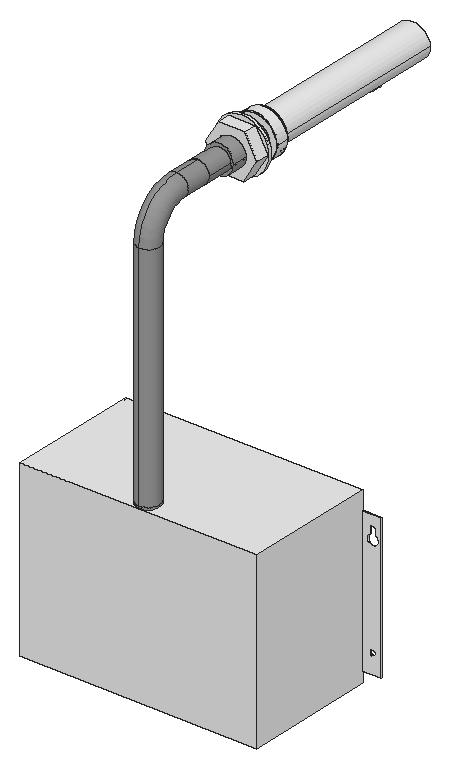
Revit family "DAN DRYER AirTap wall-mounted 372", category Electrical Fixtures, host Wall, Revit 2017
Family settings
  Host = Wall
  Maintain Annotation Orientation = No
  Round Connector Dimension = Use Diameter
  Part Type = Normal
  OmniClass Number = 23.80.00.00
  OmniClass Title = Electric Power and Lighting
  Always vertical = Yes
  Cut with Voids When Loaded = No
  Shared = No
  Room Calculation Point = No
Parameters (values of type "AirTap Wall-mounted 372")
  Wall_thickness [instance] = 15 mm
  URL = "https://www.dandryer.com/en-us/products/dan-dryer-taps/372-airtap-wall-mounted-hand-dryer"
  Satin stainless steel = DD_Satin Stainless Steel
  Red ring = DD_Red highlight
  Offset washer/nut [instance] = if(Wall_thickness < 10 mm, 10 mm, if(Wall_thickness > 30 mm, 30 mm, Wall_thickness))  # 15 mm
  Model = "DAN DRYER AirTap wall.mounted 372"
  Manufacturer = "DAN DRYER A/S"
  Height_outlet [instance] = 1150 mm
  Engine_top [instance] = Height_outlet - 300 mm  # 850 mm
  Black = DD_Black
  Airpipe = DD_White plastic
Reference planes
  plane 1: y = 0
  plane 2 "Center (Left/Right)": x = 125
  plane 3 "Back": y = 7.5
Forms (mm)
  Sweep 1, solid, material "DD_White plastic" <- "Airpipe"
    path origin (125, 0, 0) x (0, 1, 0) y (0, 0, 1)
      loop
        line (-141.641, 852.344) -> (-141.641, 1110)
        arc (-141.641, 1110) -> (-129.926, 1138.284) -> (-101.641, 1150) r 40
        line (-101.641, 1150) -> (-72.5, 1150)
    profile origin (125, -141.641, 981.172) x (0, -1, 0) y (1, 0, 0)
      loop
        circle (0, 0) r 12.5
Lines and regions (mm)
  model lines, style "InvisibleLines"
    curve 1: line (125, 7.5, 0) -> (165, 7.5, 0)
Text (mm)
  text "Placement side" at (-1867.185, 1116.779, 0), in view "Ref. Level"
  text "Placement side" at (0, 1270.507, 3001.832), in view "Left"
  text "Placement side" at (0, 530.812, 2999.686), in view "Right"
Dimensions and locks
  locked: plane 3 "Back" to host wall
  "Wall_thickness": host wall to host wall
  "Engine_top": nested 1 to level
  radius of Sweep 1 sketch curve = 40 mm
  aligned and locked: plane 1 to host wall
  aligned and locked: plane 2 "Center (Left/Right)" to nested 1
  aligned and locked: nested 1 to host wall
  aligned and locked: nested 2 to plane 2 "Center (Left/Right)"
  aligned and locked: nested 1 to Sweep 1 sketch curve
  aligned and locked: nested 2 to Sweep 1 sketch curve  (x2)
  aligned and locked: Sweep 1 sketch curve to nested 1
Automatic sketch dimensions
  Sweep 1 sketch curve to plane 2 "Center (Left/Right)" = 0 mm
  Sweep 1 sketch curve to profile plane = 0 mm
  curve 1 to level = 0 mm
  curve 1 to plane 2 "Center (Left/Right)" = 0 mm
  plane 2 "Center (Left/Right)" to curve 1 = 40 mm
  radius of Sweep 1 sketch curve = 12.5 mm
Nested families
  nested 1: "Enginebox" at (125, -7.5, 763.5) x (1, 0, 0) z (0, -1, 0), type "Enginebox"
  nested 2: "Airflow" at (125, 7.5, 1150) x (-1, 0, 0) z (0, 1, 0), Offset <- "Offset washer/nut", built-in parameter 1001360 <- "Height_outlet", type "Airflow"
    with Offset 15 mm
Connectors
  electrical at (229, -7.5, 779)
    settings: on nested 1, index 1, voltage 230 V, apparent load 0 VA, apparent load phase1 1000 VA, apparent load phase2 0 VA, apparent load phase3 0 VA, power factor 1, load classification "Other", number of poles 1, system type 31, power factor state 1, is connector primary yes, connector utility no, sub classification motor no, connector description ""
  electrical at (244, -17.5, 657)
    settings: on nested 1, index 2, voltage 230 V, apparent load 0 VA, apparent load phase1 1000 VA, apparent load phase2 0 VA, apparent load phase3 0 VA, power factor 1, load classification "Other", number of poles 1, system type 31, power factor state 1, is connector primary no, connector utility no, sub classification motor no, connector description ""
Definition of nested family "Enginebox"
  Parameters (values of type "Enginebox")
    Intake = none
    Engine_Shield = none
    Default Elevation = 1219.2 mm
    Airpipe = none
  Reference planes
    plane 1 "Center (Front/Back)": y = 0
    plane 2: z = 0
    plane 3 "Center (Left/Right)": x = 0
    plane 4: y = 52.5
    plane 5: y = -71.5
    plane 6: x = -144.5
    plane 7: x = 144.5
    plane 8: x = 104
    plane 9: y = 15.5
    plane 10: x = 104
    plane 11: y = 15.5
    plane 12: z = 10
    plane 13: x = 119
  Forms (mm)
    Extrusion 1, solid
      sketch origin (0, 0, 0) x (1, 0, 0) y (0, 1, 0)
        loop
          line (-1219.2, 1219.2) -> (-1219.2, -1219.2) -> (1219.2, -1219.2) -> (1219.2, 1219.2) -> (-1219.2, 1219.2)
      from 0 to -304.8
    Extrusion 2, solid, material <- "Engine_Shield"
      sketch origin (0, 0, 0) x (1, 0, 0) y (0, 1, 0)
        loop
          line (-132, 86.5) -> (-132, -106.5) -> (132, -106.5) -> (132, 86.5) -> (-132, 86.5)
      from 0 to 148
    Extrusion 3, solid, material <- "Engine_Shield"
      sketch origin (0, 0, 0) x (1, 0, 0) y (0, 1, 0)
        loop
          line (-153, 66.437) -> (-153, -93.563) -> (153, -93.563) -> (153, 66.437) -> (-153, 66.437)
        loop
          circle (-144.5, -71.5) r 3
        loop
          arc (-141.502, 52.605) -> (-144.552, 55.5) -> (-147.5, 52.5) r 3
          line (-147.5, 52.5) -> (-147.5, 46.639)
          arc (-147.5, 46.639) -> (-144.499, 35.443) -> (-141.502, 46.64) r 6
          line (-141.502, 46.64) -> (-141.502, 52.605)
        loop
          arc (147.5, 52.5) -> (144.5, 55.5) -> (141.5, 52.5) r 3
          line (141.5, 52.5) -> (141.5, 46.639)
          arc (141.5, 46.639) -> (144.5, 35.443) -> (147.5, 46.639) r 6
          line (147.5, 46.639) -> (147.5, 52.5)
        loop
          circle (144.5, -71.5) r 3
        loop
          circle (104, 15.5) r 8
      from 0 to 1
    Extrusion 4, void
      sketch origin (0, 0, 0) x (1, 0, 0) y (0, 1, 0)
        loop
          line (-131, 85.5) -> (-131, -105.5) -> (131, -105.5) -> (131, 85.5) -> (-131, 85.5)
      from 0 to 147
    Extrusion 5, void
      sketch origin (0, 0, 0) x (1, 0, 0) y (0, 0, 1)
        loop
          circle (54.286, 66.526) r 60
      from 0 to 500
    Extrusion 6, solid, material <- "Intake"
      sketch origin (0, 0, 0) x (1, 0, 0) y (0, 0, 1)
        loop
          circle (54.286, 66.526) r 60
        loop
          circle (54.286, 66.526) r 59
      from 106.5 to 115.57
    Extrusion 7, void
      sketch origin (0, 0, 0) x (1, 0, 0) y (0, 0, 1)
        loop
          arc (127, 10) -> (119, 18) -> (111, 10) r 8
          line (111, 10) -> (111, 0) -> (127, 0) -> (127, 10)
      from 105.5 to 106.5
    Extrusion 8, solid
      sketch origin (0, 0, 0) x (1, 0, 0) y (0, 0, 1)
        loop
          circle (119, 10) r 8
      from 105.5 to 106.5
    Extrusion 9, solid
      sketch origin (0, 0, 0) x (1, 0, 0) y (0, 1, 0)
        loop
          circle (104, 15.5) r 8
      from 0 to 1
    Extrusion 10, solid, material <- "Airpipe"
      sketch origin (0, 0, 0) x (1, 0, 0) y (0, 0, 1)
        loop
          circle (0, 134.141) r 12.5
      from -88.844 to -86.5
  Cuts and joins
    Extrusion 4, Extrusion 5, Extrusion 7 cuts Extrusion 2
    Extrusion 7 cuts Extrusion 3
    joined: Extrusion 2, Extrusion 3
  Dimensions and locks
    aligned and locked: plane 2 to Extrusion 1
    aligned and locked: level to Extrusion 1
Definition of nested family "Airflow"
  Parameters (values of type "Airflow")
    Satin Stainless Steel = none
    Red Ring = none
    Offset [instance] = 30 mm
    Default Elevation = 1219.2 mm
    Black Rubber = none
    Black = none
    Airpipe = none
  Reference planes
    plane 1 "Center (Front/Back)": y = 0
    plane 2: z = 0
    plane 3 "Center (Left/Right)": x = 0
    plane 4: z = 120
    plane 5: z = 200
    plane 6: z = 160
    plane 7: z = 195
    plane 8: z = 125
    plane 9: x = 5
    plane 10: x = -5
    plane 11 "Start washer/nut": z = -30
  Forms (mm)
    Extrusion 1, solid
      sketch origin (0, 0, 0) x (1, 0, 0) y (0, 1, 0)
        loop
          line (-1219.2, 1219.2) -> (-1219.2, -1219.2) -> (1219.2, -1219.2) -> (1219.2, 1219.2) -> (-1219.2, 1219.2)
      from 0 to -304.8
    Extrusion 2, solid, material <- "Satin Stainless Steel"
      sketch origin (0, 0, 0) x (1, 0, 0) y (0, 1, 0)
        loop
          circle (0, 0) r 19
      from 0 to 220
    Extrusion 3, void
      sketch origin (0, 0, 0) x (1, 0, 0) y (0, 1, 0)
        loop
          circle (0, 0) r 17.5
        loop
          circle (0, 0) r 16
      from 218 to 220
    Extrusion 4, solid, material <- "Red Ring"
      sketch origin (0, 0, 0) x (1, 0, 0) y (0, 1, 0)
        loop
          circle (0, 0) r 17.5
        loop
          circle (0, 0) r 16
      from 218 to 219.5
    Extrusion 5, solid, material <- "Satin Stainless Steel"
      sketch origin (0, 0, 0) x (1, 0, 0) y (0, 1, 0)
        loop
          circle (0, 0) r 24.4
      from 0 to 15
    Extrusion 6, solid, material <- "Satin Stainless Steel"
      sketch origin (0, 0, 0) x (1, 0, 0) y (0, 1, 0)
        loop
          circle (0, 0) r 25
        loop
          circle (0, 0) r 24.5
      from 0 to 13
    Extrusion 7, void
      sketch origin (0, 0, 0) x (1, 0, 0) y (0, 0, 1)
        loop
          arc (5, 195) -> (0, 200) -> (-5, 195) r 5
          line (-5, 195) -> (-5, 167) -> (-5.983, 167)
          arc (-5.983, 167) -> (-8.116, 166.116) -> (-9, 163.983) r 3.017
          line (-9, 163.983) -> (-9, 156)
          arc (-9, 156) -> (-8.121, 153.879) -> (-6, 153) r 3
          line (-6, 153) -> (-5, 153) -> (-5, 125)
          arc (-5, 125) -> (0, 120) -> (5, 125) r 5
          line (5, 125) -> (5, 153) -> (6, 153)
          arc (6, 153) -> (8.121, 153.879) -> (9, 156) r 3
          line (9, 156) -> (9, 164.025)
          arc (9, 164.025) -> (8.129, 166.129) -> (6.025, 167) r 2.975
          line (6.025, 167) -> (5, 167) -> (5, 195)
      from 0 to 500
    Extrusion 8, solid, material <- "Black Rubber"
      sketch origin (0, 0, 0) x (1, 0, 0) y (0, 0, 1)
        loop
          line (-3.2, 165.2) -> (-5.983, 165.2)
          arc (-5.983, 165.2) -> (-6.844, 164.844) -> (-7.2, 163.983) r 1.217
          line (-7.2, 163.983) -> (-7.2, 156)
          arc (-7.2, 156) -> (-6.849, 155.151) -> (-6, 154.8) r 1.2
          line (-6, 154.8) -> (-3.2, 154.8) -> (-3.2, 125)
          arc (-3.2, 125) -> (0, 121.8) -> (3.2, 125) r 3.2
          line (3.2, 125) -> (3.2, 154.8) -> (6, 154.8)
          arc (6, 154.8) -> (6.849, 155.151) -> (7.2, 156) r 1.2
          line (7.2, 156) -> (7.2, 164.025)
          arc (7.2, 164.025) -> (6.856, 164.856) -> (6.025, 165.2) r 1.175
          line (6.025, 165.2) -> (3.2, 165.2) -> (3.2, 195)
          arc (3.2, 195) -> (0, 198.2) -> (-3.2, 195) r 3.2
          line (-3.2, 195) -> (-3.2, 165.2)
        loop
          arc (-5.983, 166.5) -> (-7.763, 165.763) -> (-8.5, 163.983) r 2.517
          line (-8.5, 163.983) -> (-8.5, 156)
          arc (-8.5, 156) -> (-7.768, 154.232) -> (-6, 153.5) r 2.5
          line (-6, 153.5) -> (-4.5, 153.5) -> (-4.5, 125)
          arc (-4.5, 125) -> (0, 120.5) -> (4.5, 125) r 4.5
          line (4.5, 125) -> (4.5, 153.5) -> (6, 153.5)
          arc (6, 153.5) -> (7.768, 154.232) -> (8.5, 156) r 2.5
          line (8.5, 156) -> (8.5, 164.025)
          arc (8.5, 164.025) -> (7.775, 165.775) -> (6.025, 166.5) r 2.475
          line (6.025, 166.5) -> (4.5, 166.5) -> (4.5, 195)
          arc (4.5, 195) -> (0, 199.5) -> (-4.5, 195) r 4.5
          line (-4.5, 195) -> (-4.5, 166.5) -> (-5.983, 166.5)
      from 0 to 50
    Extrusion 9, void
      sketch origin (0, 0, 0) x (1, 0, 0) y (0, 1, 0)
        loop
          arc (15.931, -12.901) -> (1.37, -20.454) -> (-14.069, -14.911) r 20.5
          line (-14.069, -14.911) -> (-14.069, -52.901) -> (15.931, -52.901) -> (15.931, -12.901)
      from 115.834 to 207.567
    Extrusion 10, solid, material <- "Black"
      sketch origin (0, 0, 0) x (1, 0, 0) y (0, 1, 0)
        loop
          circle (0, 0) r 16
      from 0 to -50
    Extrusion 11, solid, material <- "Satin Stainless Steel"
      sketch origin (0, 0, -30) x (0, 1, 0) y (-1, 0, 0)
        loop
          circle (0, 0) r 30
        loop
          circle (0, 0) r 16
      from 0 to -3
    Extrusion 12, solid, material <- "Satin Stainless Steel"
      sketch origin (0, 0, -30) x (0, 1, 0) y (-1, 0, 0)
        loop
          line (25.071, -13.897) -> (24.571, 14.764) -> (-0.5, 28.661) -> (-25.071, 13.897) -> (-24.571, -14.764) -> (0.5, -28.661) -> (25.071, -13.897)
        loop
          circle (0, 0) r 16
      from 0 to -18
    Extrusion 13, solid, material <- "Airpipe"
      sketch origin (0, 0, 0) x (1, 0, 0) y (0, 1, 0)
        loop
          circle (0, 0) r 12.5
      from 0 to -80
  Cuts and joins
    Extrusion 3, Extrusion 7, Extrusion 9 cuts Extrusion 2
    Extrusion 9 cuts Extrusion 5
    joined: Extrusion 2, Extrusion 5
    Extrusion 9 cuts Extrusion 6
    Extrusion 9 cuts Extrusion 8
    joined: Extrusion 11, Extrusion 12
  Dimensions and locks
    cut or joined group of Extrusion 2, Extrusion 3, Extrusion 5, Extrusion 7, Extrusion 9 to plane 5 = 20 mm
    plane 5 to plane 7 = 5 mm
    plane 8 to plane 4 = 5 mm
    plane 9 to plane 3 "Center (Left/Right)" = 5 mm
    plane 3 "Center (Left/Right)" to plane 10 = 5 mm
    locked: plane 5 to plane 4 at 80
    "Offset": level to plane 11 "Start washer/nut"
    aligned and locked: plane 2 to Extrusion 1
    aligned and locked: level to Extrusion 1
    aligned and locked: Extrusion 7 sketch curve to plane 9
    aligned and locked: plane 10 to Extrusion 7 sketch curve
  Automatic sketch dimensions
    Extrusion 1 sketch curve to Extrusion 1 sketch curve = 2438.4 mm  (x2)
    plane 1 "Center (Front/Back)" to Extrusion 2 sketch curve = 0 mm
    Extrusion 2 sketch curve to plane 3 "Center (Left/Right)" = 0 mm
    Extrusion 3 sketch curve to Extrusion 3 sketch curve = 0 mm  (x2)
    plane 1 "Center (Front/Back)" to Extrusion 3 sketch curve = 0 mm
    Extrusion 3 sketch curve to plane 3 "Center (Left/Right)" = 0 mm
    Extrusion 4 sketch curve to Extrusion 4 sketch curve = 0 mm  (x2)
    plane 1 "Center (Front/Back)" to Extrusion 4 sketch curve = 0 mm
    Extrusion 4 sketch curve to plane 3 "Center (Left/Right)" = 0 mm
    plane 1 "Center (Front/Back)" to Extrusion 5 sketch curve = 0 mm
    Extrusion 5 sketch curve to plane 3 "Center (Left/Right)" = 0 mm
    Extrusion 6 sketch curve to Extrusion 6 sketch curve = 0 mm  (x2)
    plane 1 "Center (Front/Back)" to Extrusion 6 sketch curve = 0 mm
    Extrusion 6 sketch curve to plane 3 "Center (Left/Right)" = 0 mm
    Extrusion 7 sketch curve to plane 10 = 0 mm
    Extrusion 7 sketch curve to plane 3 "Center (Left/Right)" = 0 mm
    Extrusion 7 sketch curve to plane 8 = 0 mm
    Extrusion 7 sketch curve to plane 7 = 0 mm
    Extrusion 7 sketch curve to plane 10 = 1 mm
    Extrusion 7 sketch curve to plane 10 = 0.983 mm
    Extrusion 7 sketch curve to Extrusion 7 sketch curve = 3 mm
    plane 9 to Extrusion 7 sketch curve = 1 mm
    plane 9 to Extrusion 7 sketch curve = 1.025 mm
    Extrusion 7 sketch curve to Extrusion 7 sketch curve = 2.975 mm
    Extrusion 7 sketch curve to plane 6 = 7 mm  (x2)
    plane 6 to Extrusion 7 sketch curve = 3.983 mm
    plane 6 to Extrusion 7 sketch curve = 4.025 mm
    Extrusion 8 sketch curve to Extrusion 8 sketch curve = 0 mm  (x12)
    Extrusion 8 sketch curve to plane 7 = 0 mm
    Extrusion 8 sketch curve to plane 8 = 0 mm
    Extrusion 8 sketch curve to plane 3 "Center (Left/Right)" = 0 mm  (x2)
    Extrusion 8 sketch curve to plane 9 = 0.5 mm  (x2)
    Extrusion 8 sketch curve to plane 10 = 0.983 mm
    Extrusion 8 sketch curve to plane 10 = 1 mm
    Extrusion 8 sketch curve to Extrusion 8 sketch curve = 1.2 mm  (x2)
    plane 10 to Extrusion 8 sketch curve = 1.8 mm
    Extrusion 8 sketch curve to Extrusion 8 sketch curve = 1.3 mm  (x3)
    plane 9 to Extrusion 8 sketch curve = 1 mm
    plane 9 to Extrusion 8 sketch curve = 1.025 mm
    Extrusion 8 sketch curve to plane 6 = 6.5 mm  (x2)
    plane 6 to Extrusion 8 sketch curve = 3.983 mm
    plane 6 to Extrusion 8 sketch curve = 4.025 mm
    plane 1 "Center (Front/Back)" to Extrusion 9 sketch curve = 0 mm
    Extrusion 9 sketch curve to plane 3 "Center (Left/Right)" = 0 mm
    plane 9 to Extrusion 9 sketch curve = 10.931 mm
    plane 1 "Center (Front/Back)" to Extrusion 9 sketch curve = 12.901 mm
    Extrusion 9 sketch curve to Extrusion 9 sketch curve = 40 mm
    Extrusion 9 sketch curve to plane 10 = 9.069 mm
    plane 1 "Center (Front/Back)" to Extrusion 10 sketch curve = 0 mm
    Extrusion 10 sketch curve to plane 3 "Center (Left/Right)" = 0 mm
    plane 1 "Center (Front/Back)" to Extrusion 12 sketch curve = 0 mm
    Extrusion 12 sketch curve to plane 3 "Center (Left/Right)" = 0 mm
    plane 1 "Center (Front/Back)" to Extrusion 12 sketch curve = 0.5 mm
    plane 9 to Extrusion 12 sketch curve = 9.764 mm
    plane 1 "Center (Front/Back)" to Extrusion 12 sketch curve = 24.571 mm
    Extrusion 12 sketch curve to plane 10 = 8.897 mm
    plane 1 "Center (Front/Back)" to Extrusion 12 sketch curve = 25.071 mm
    Extrusion 12 sketch curve to plane 1 "Center (Front/Back)" = 0.5 mm
    Extrusion 12 sketch curve to plane 10 = 9.764 mm
    Extrusion 12 sketch curve to plane 1 "Center (Front/Back)" = 24.571 mm
    plane 9 to Extrusion 12 sketch curve = 8.897 mm
    Extrusion 12 sketch curve to plane 1 "Center (Front/Back)" = 25.071 mm
    plane 9 to Extrusion 12 sketch curve = 23.661 mm
    Extrusion 12 sketch curve to plane 10 = 23.661 mm
    Extrusion 11 sketch curve to Extrusion 11 sketch curve = 0 mm  (x2)
    plane 1 "Center (Front/Back)" to Extrusion 11 sketch curve = 0 mm
    Extrusion 11 sketch curve to plane 3 "Center (Left/Right)" = 0 mm
    plane 1 "Center (Front/Back)" to Extrusion 13 sketch curve = 0 mm
    Extrusion 13 sketch curve to plane 3 "Center (Left/Right)" = 0 mm
    radius of Extrusion 2 sketch curve = 19 mm
    radius of Extrusion 3 sketch curve = 17.5 mm
    radius of Extrusion 3 sketch curve = 16 mm
    radius of Extrusion 4 sketch curve = 17.5 mm
    radius of Extrusion 4 sketch curve = 16 mm
    radius of Extrusion 5 sketch curve = 24.4 mm
    radius of Extrusion 6 sketch curve = 25 mm
    radius of Extrusion 6 sketch curve = 24.5 mm
    radius of Extrusion 10 sketch curve = 16 mm
    radius of Extrusion 12 sketch curve = 16 mm
    radius of Extrusion 11 sketch curve = 30 mm
    radius of Extrusion 11 sketch curve = 16 mm
    radius of Extrusion 13 sketch curve = 12.5 mm
